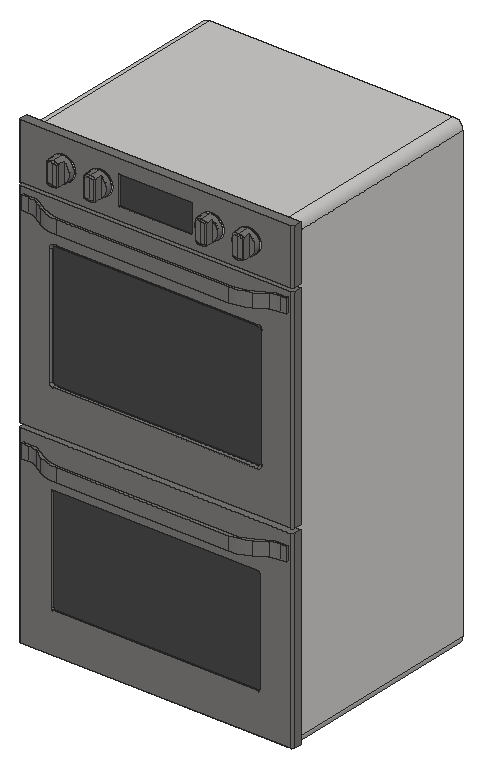
Revit family "M_Forno-duplo", category Equipamento especial, Revit 2019
Family settings
  Cota do conector redondo = Utilizar diâmetro
  Tipo de parte = Normal
  Número OmniClass = 23.40.40.14
  Título OmniClass = Food Service Equipment
  Com base no plano de trabalho = Não
  Sempre na vertical = Sim
  Corte com vazios quando carregada = Não
  Compartilhado = Não
  Ponto de cálculo do ambiente = Não
Parameters (values of type "750mm")
  Largura = 750 mm
  Reforço = Eletrodoméstico – Reforço
  Embutido = 0 mm
  Voltagem = 240 V
  Type Comments = ""
  Mostrar legenda = yes
  Consumo de energia = 8200 VA
  Legenda = "Forno"
  Altura = 1300 mm
  Vidro = Eletrodoméstico – Janela
  Descrição = "Forno duplo"
  Linear = 600 mm
  Código de montagem = "E1090320"
  Acabamento do eletrodoméstico = Eletrodoméstico – Bronze
  Corpo do eletrodoméstico = Eletrodoméstico – Aço inoxidável
  Localização da legenda [instance] = 300 mm
  Amperagem = Consumo de energia / Voltagem  # 34.1667 A
Types (2, lengths in mm): name | Largura
  750mm | 750
  900mm | 900
Reference planes
  plane 1 "Face do armário": y = 0
  plane 2: z = 0
  plane 3 "Centro (Esquerda/Direita)": x = 0
  plane 4 "Esquerda": x = -375
  plane 5 "Direita": x = 375
  plane 6 "Parte posterior": y = 574.6
  plane 7 "Frente da unidade": y = -25.4
  plane 8 "Traseira da porta": y = 0
  plane 9 "Superior": z = 1300
  plane 10 "Porta B.O.": z = 19.05
  plane 11 "Forno superior": z = 1147.6
  plane 12: x = 286.1
  plane 13: x = -286.1
  plane 14: z = 50.324
  plane 15 "Puxador superior": z = 1084.1
  plane 16: z = 551.575
  plane 17 "Puxador inferior": z = 513.475
  plane 18: x = -359.125
  plane 19: x = 359.125
  plane 20: z = 1223.8
Forms (mm)
  Extrusion 1, solid, material "Eletrodoméstico – Bronze" <- "Acabamento do eletrodoméstico"
    sketch origin (0, -25.4, 0) x (-1, 0, 0) y (0, 0, 1)
      loop
        line (375, 1300) -> (-375, 1300) -> (-375, 1147.6) -> (375, 1147.6) -> (375, 1300)
      loop
        line (375, 1138.075) -> (-375, 1138.075) -> (-375, 557.925) -> (375, 557.925) -> (375, 1138.075)
      loop
        line (375, 19.05) -> (375, 545.225) -> (-375, 545.225) -> (-375, 19.05) -> (375, 19.05)
      loop
        line (279.75, 1020.6) -> (-279.75, 1020.6)
        arc (-279.75, 1020.6) -> (-284.24, 1018.74) -> (-286.1, 1014.25) r 6.35
        line (-286.1, 1014.25) -> (-286.1, 684.925)
        arc (-286.1, 684.925) -> (-284.24, 680.435) -> (-279.75, 678.575) r 6.35
        line (-279.75, 678.575) -> (279.75, 678.575)
        arc (279.75, 678.575) -> (284.24, 680.435) -> (286.1, 684.925) r 6.35
        line (286.1, 684.925) -> (286.1, 1014.25)
        arc (286.1, 1014.25) -> (284.24, 1018.74) -> (279.75, 1020.6) r 6.35
      loop
        line (279.75, 424.575) -> (-279.75, 424.575)
        arc (-279.75, 424.575) -> (-284.24, 422.715) -> (-286.1, 418.225) r 6.35
        line (-286.1, 418.225) -> (-286.1, 133.35)
        arc (-286.1, 133.35) -> (-284.24, 128.86) -> (-279.75, 127) r 6.35
        line (-279.75, 127) -> (279.75, 127)
        arc (279.75, 127) -> (284.24, 128.86) -> (286.1, 133.35) r 6.35
        line (286.1, 133.35) -> (286.1, 418.225)
        arc (286.1, 418.225) -> (284.24, 422.715) -> (279.75, 424.575) r 6.35
    from 0 to 25.4
  Extrusion 2, void
    sketch origin (0, -25.4, 0) x (-1, 0, 0) y (0, 0, 1)
      loop
        line (98.425, 1263.932) -> (-98.425, 1263.932)
        arc (-98.425, 1263.932) -> (-100.67, 1263.002) -> (-101.6, 1260.757) r 3.175
        line (-101.6, 1260.757) -> (-101.6, 1185.827)
        arc (-101.6, 1185.827) -> (-100.67, 1183.582) -> (-98.425, 1182.652) r 3.175
        line (-98.425, 1182.652) -> (98.425, 1182.652)
        arc (98.425, 1182.652) -> (100.67, 1183.582) -> (101.6, 1185.827) r 3.175
        line (101.6, 1185.827) -> (101.6, 1260.757)
        arc (101.6, 1260.757) -> (100.67, 1263.002) -> (98.425, 1263.932) r 3.175
    from 0 to 3.175
  Sweep 3, void
    path in 3D
      loop
        arc (279.75, -25.4, 1020.6) -> (284.24, -25.4, 1018.74) -> (286.1, -25.4, 1014.25) r 6.35
        line (286.1, -25.4, 1014.25) -> (286.1, -25.4, 684.925)
        arc (286.1, -25.4, 684.925) -> (284.24, -25.4, 680.435) -> (279.75, -25.4, 678.575) r 6.35
        line (279.75, -25.4, 678.575) -> (-279.75, -25.4, 678.575)
        arc (-279.75, -25.4, 678.575) -> (-284.24, -25.4, 680.435) -> (-286.1, -25.4, 684.925) r 6.35
        line (-286.1, -25.4, 684.925) -> (-286.1, -25.4, 1014.25)
        arc (-286.1, -25.4, 1014.25) -> (-284.24, -25.4, 1018.74) -> (-279.75, -25.4, 1020.6) r 6.35
        line (-279.75, -25.4, 1020.6) -> (279.75, -25.4, 1020.6)
    profile "M_Redondo : 5mm" origin (0, -25.4, 1020.6) x (0, -1, 0) y (0, 0, -1)
      loop
        line (0, 0) -> (-5, 0)
        arc (-5, 0) -> (-1.464, -1.464) -> (0, -5) r 5
        line (0, -5) -> (0, 0)
  Extrusion 4, solid, material "Eletrodoméstico – Aço inoxidável" <- "Corpo do eletrodoméstico"
    sketch origin (0, 0, 0) x (-1, 0, 0) y (0, 0, 1)
      loop
        line (333.725, 1292.063) -> (-333.725, 1292.063)
        arc (-333.725, 1292.063) -> (-351.686, 1284.623) -> (-359.125, 1266.663) r 25.4
        line (-359.125, 1266.663) -> (-359.125, 25.4)
        arc (-359.125, 25.4) -> (-351.686, 7.439) -> (-333.725, 0) r 25.4
        line (-333.725, 0) -> (333.725, 0)
        arc (333.725, 0) -> (351.686, 7.439) -> (359.125, 25.4) r 25.4
        line (359.125, 25.4) -> (359.125, 1266.663)
        arc (359.125, 1266.663) -> (351.686, 1284.623) -> (333.725, 1292.063) r 25.4
    from 0 to 574.6
  Extrusion 5, solid, material "Eletrodoméstico – Janela" <- "Vidro", detail levels medium+fine
    sketch origin (0, 0, 0) x (-1, 0, 0) y (0, 0, 1)
      loop
        line (-286.1, 1014.25) -> (-286.1, 684.925)
        arc (-286.1, 684.925) -> (-284.24, 680.435) -> (-279.75, 678.575) r 6.35
        line (-279.75, 678.575) -> (279.75, 678.575)
        arc (279.75, 678.575) -> (284.24, 680.435) -> (286.1, 684.925) r 6.35
        line (286.1, 684.925) -> (286.1, 1014.25)
        arc (286.1, 1014.25) -> (284.24, 1018.74) -> (279.75, 1020.6) r 6.35
        line (279.75, 1020.6) -> (-279.75, 1020.6)
        arc (-279.75, 1020.6) -> (-284.24, 1018.74) -> (-286.1, 1014.25) r 6.35
      loop
        arc (-279.75, 424.575) -> (-284.24, 422.715) -> (-286.1, 418.225) r 6.35
        line (-286.1, 418.225) -> (-286.1, 133.35)
        arc (-286.1, 133.35) -> (-284.24, 128.86) -> (-279.75, 127) r 6.35
        line (-279.75, 127) -> (279.75, 127)
        arc (279.75, 127) -> (284.24, 128.86) -> (286.1, 133.35) r 6.35
        line (286.1, 133.35) -> (286.1, 418.225)
        arc (286.1, 418.225) -> (284.24, 422.715) -> (279.75, 424.575) r 6.35
        line (279.75, 424.575) -> (-279.75, 424.575)
    from -19.05 to -6.35
  Extrusion 6, void
    sketch origin (0, 0, 0) x (1, 0, 0) y (0, 1, 0)
      loop
        line (-375, -25.4) -> (-368.65, -25.4)
        arc (-368.65, -25.4) -> (-373.14, -23.54) -> (-375, -19.05) r 6.35
        line (-375, -19.05) -> (-375, -25.4)
      loop
        line (375, -25.4) -> (375, -19.05)
        arc (375, -19.05) -> (373.14, -23.54) -> (368.65, -25.4) r 6.35
        line (368.65, -25.4) -> (375, -25.4)
    from 0 to 1300
  Extrusion 7, solid, material "Eletrodoméstico – Bronze" <- "Acabamento do eletrodoméstico", detail levels fine
    sketch origin (0, 0, 1084.1) x (-1, 0, 0) y (0, -1, 0)
      loop
        line (236.356, 69.85) -> (-236.356, 69.85)
        arc (-236.356, 69.85) -> (-264.295, 66.172) -> (-290.331, 55.387) r 107.95
        line (-290.331, 55.387) -> (-319.484, 38.556)
        arc (-319.484, 38.556) -> (-331.736, 33.481) -> (-344.884, 31.75) r 50.8
        line (-344.884, 31.75) -> (-362.3, 31.75) -> (-362.3, 25.4) -> (-329.57, 25.4) -> (-287.156, 49.888)
        arc (-287.156, 49.888) -> (-262.652, 60.038) -> (-236.356, 63.5) r 101.6
        line (-236.356, 63.5) -> (236.356, 63.5)
        arc (236.356, 63.5) -> (262.652, 60.038) -> (287.156, 49.888) r 101.6
        line (287.156, 49.888) -> (329.57, 25.4) -> (362.3, 25.4) -> (362.3, 31.75) -> (344.884, 31.75)
        arc (344.884, 31.75) -> (331.736, 33.481) -> (319.484, 38.556) r 50.8
        line (319.484, 38.556) -> (290.331, 55.387)
        arc (290.331, 55.387) -> (264.295, 66.172) -> (236.356, 69.85) r 107.95
    from 0 to 38.1
  Extrusion 8, solid, material "Eletrodoméstico – Bronze" <- "Acabamento do eletrodoméstico", detail levels fine
    sketch origin (0, 0, 0) x (1, 0, 0) y (0, 1, 0)
      loop
        line (-362.3, -25.4) -> (-362.3, -31.75) -> (-344.884, -31.75)
        arc (-344.884, -31.75) -> (-331.736, -33.481) -> (-319.484, -38.556) r 50.8
        line (-319.484, -38.556) -> (-290.331, -55.387)
        arc (-290.331, -55.387) -> (-264.295, -66.172) -> (-236.356, -69.85) r 107.95
        line (-236.356, -69.85) -> (236.356, -69.85)
        arc (236.356, -69.85) -> (264.295, -66.172) -> (290.331, -55.387) r 107.95
        line (290.331, -55.387) -> (319.484, -38.556)
        arc (319.484, -38.556) -> (331.736, -33.481) -> (344.884, -31.75) r 50.8
        line (344.884, -31.75) -> (362.3, -31.75) -> (362.3, -25.4) -> (329.57, -25.4) -> (287.156, -49.888)
        arc (287.156, -49.888) -> (262.652, -60.038) -> (236.356, -63.5) r 101.6
        line (236.356, -63.5) -> (-236.356, -63.5)
        arc (-236.356, -63.5) -> (-262.652, -60.038) -> (-287.156, -49.888) r 101.6
        line (-287.156, -49.888) -> (-329.57, -25.4) -> (-362.3, -25.4)
    from 475.375 to 513.475
Cuts and joins
  Extrusion 2, Sweep 3, Extrusion 6 cuts Extrusion 1
Lines and regions (mm)
  Masking region 1
    outline origin (0, 0, 0) x (1, 0, 0) y (0, 1, 0)
      loop
        line (375, 0) -> (-375, 0) -> (-375, -25.4) -> (375, -25.4) -> (375, 0)
  Split face 1
    outline origin (0, 574.6, 0) x (-1, 0, 0) y (0, 0, 1)
      loop
        circle (-4.909, 31.274) r 12.7
  Split face 2
    outline origin (0, -19.05, 0) x (-1, 0, 0) y (0, 0, 1)
      loop
        line (260.7, 701.07) -> (260.7, 969.277) -> (-260.7, 969.277) -> (-260.7, 701.07) -> (260.7, 701.07)
  Split face 3
    outline origin (0, -19.05, 0) x (-1, 0, 0) y (0, 0, 1)
      loop
        line (260.7, 382.575) -> (-260.7, 382.575) -> (-260.7, 152.469) -> (260.7, 152.469) -> (260.7, 382.575)
  Masking region 2, detail levels fine
    outline origin (0, 0, 0) x (1, 0, 0) y (0, 1, 0)
      loop
        line (-329.57, -25.4) -> (-362.3, -25.4) -> (-362.3, -31.75) -> (-344.884, -31.75)
        arc (-344.884, -31.75) -> (-331.736, -33.481) -> (-319.484, -38.556) r 50.8
        line (-319.484, -38.556) -> (-290.331, -55.387)
        arc (-290.331, -55.387) -> (-264.295, -66.172) -> (-236.356, -69.85) r 107.95
        line (-236.356, -69.85) -> (236.356, -69.85)
        arc (236.356, -69.85) -> (264.295, -66.172) -> (290.331, -55.387) r 107.95
        line (290.331, -55.387) -> (319.484, -38.556)
        arc (319.484, -38.556) -> (331.736, -33.481) -> (344.884, -31.75) r 50.8
        line (344.884, -31.75) -> (362.3, -31.75) -> (362.3, -25.4) -> (329.57, -25.4) -> (287.156, -49.888)
        arc (287.156, -49.888) -> (262.652, -60.038) -> (236.356, -63.5) r 101.6
        line (236.356, -63.5) -> (-236.356, -63.5)
        arc (-236.356, -63.5) -> (-262.652, -60.038) -> (-287.156, -49.888) r 101.6
        line (-287.156, -49.888) -> (-329.57, -25.4)
  symbolic lines, style "Eletrodomésticos"
    curve 1: line (375, -25.4, 0) -> (-375, -25.4, 0)
  sketch lines
    curve 2: line (-279.75, -25.4, 1020.6) -> (279.75, -25.4, 1020.6)
    curve 3: arc (286.1, -25.4, 1014.25) -> (284.24, -25.4, 1018.74) -> (279.75, -25.4, 1020.6) r 6.35
    curve 4: line (286.1, -25.4, 1014.25) -> (286.1, -25.4, 684.925)
    curve 5: arc (279.75, -25.4, 678.575) -> (284.24, -25.4, 680.435) -> (286.1, -25.4, 684.925) r 6.35
    curve 6: line (279.75, -25.4, 678.575) -> (-279.75, -25.4, 678.575)
    curve 7: arc (-286.1, -25.4, 684.925) -> (-284.24, -25.4, 680.435) -> (-279.75, -25.4, 678.575) r 6.35
    curve 8: line (-286.1, -25.4, 684.925) -> (-286.1, -25.4, 1014.25)
    curve 9: arc (-279.75, -25.4, 1020.6) -> (-284.24, -25.4, 1018.74) -> (-286.1, -25.4, 1014.25) r 6.35
  symbolic lines, style "Eletrodomésticos – Giro da planta", detail levels medium+fine
    curve 10: line (0, -532.525, 19.05) -> (0, 0, 19.05)
    curve 14: line (0, -596.025, 551.575) -> (0, 0, 551.575)
    curve 15: arc (0, 0, 551.575) -> (0, -376.552, 395.602) -> (0, -532.525, 19.05) r 532.525
    curve 16: arc (0, 0, 1147.6) -> (0, -421.453, 973.028) -> (0, -596.025, 551.575) r 596.025
  symbolic lines, style "Eletrodomésticos – Ocultos"
    curve 11: line (-359.125, 0, 0) -> (-359.125, 574.6, 0)
    curve 12: line (-359.125, 574.6, 0) -> (359.125, 574.6, 0)
    curve 13: line (359.125, 574.6, 0) -> (359.125, 0, 0)
Dimensions and locks
  equal spacing: plane 4 "Esquerda", plane 3 "Centro (Esquerda/Direita)", plane 5 "Direita"
  "Largura": plane 4 "Esquerda" to plane 5 "Direita"
  "Linear": plane 6 "Parte posterior" to plane 7 "Frente da unidade"
  "Altura": plane 9 "Superior" to level
  locked: plane 8 "Traseira da porta" to plane 7 "Frente da unidade" at 25.4
  "Embutido": plane 1 "Face do armário" to plane 8 "Traseira da porta"
  locked: plane 11 "Forno superior" to Extrusion 1 sketch curve at 9.525
  plane 9 "Superior" to Extrusion 2 sketch curve to Extrusion 2 sketch curve = 36.068 mm locked, 81.28 mm locked
  Extrusion 2 sketch curve to plane 3 "Centro (Esquerda/Direita)" to Extrusion 2 sketch curve = 101.6 mm locked, 101.6 mm locked
  locked: plane 5 "Direita" to plane 12 at 88.9
  locked: plane 13 to plane 4 "Esquerda" at 88.9
  locked: plane 9 "Superior" to Extrusion 4 sketch curve at 7.937
  locked: Extrusion 4 sketch curve to plane 4 "Esquerda" at 15.875
  locked: plane 5 "Direita" to Extrusion 4 sketch curve at 15.875
  level to Extrusion 4 = 1292.062 mm
  locked: plane 11 "Forno superior" to Extrusion 1 sketch curve at 127
  locked: plane 11 "Forno superior" to plane 15 "Puxador superior" at 63.5
  "Localização da legenda": plane 6 "Parte posterior" to nested 1
  locked: plane 10 "Porta B.O." to level at 19.05
  locked: nested 2 to plane 7 "Frente da unidade" at 17.463
  locked: nested 3 to plane 7 "Frente da unidade" at 17.463
  locked: Extrusion 7 sketch curve to Extrusion 7 sketch curve at 6.35
  locked: plane 4 "Esquerda" to Extrusion 7 sketch curve at 12.7
  locked: Extrusion 7 sketch curve to plane 5 "Direita" at 12.7
  locked: Extrusion 7 to plane 15 "Puxador superior" at 38.1  (x2)
  equal spacing: plane 15 "Puxador superior", plane 16, plane 10 "Porta B.O."
  Extrusion 1 sketch curve to plane 16 to Extrusion 1 sketch curve = 127 mm locked, 127 mm locked
  Extrusion 1 sketch curve to plane 16 to Extrusion 1 sketch curve = 6.35 mm locked, 6.35 mm locked
  locked: plane 16 to plane 17 "Puxador inferior" at 38.1
  locked: plane 5 "Direita" to Split face 2 sketch curve at 114.3
  locked: Split face 2 sketch curve to plane 4 "Esquerda" at 114.3
  locked: plane 5 "Direita" to Split face 3 sketch curve at 114.3
  locked: Split face 3 sketch curve to plane 4 "Esquerda" at 114.3
  locked: plane 4 "Esquerda" to plane 18 at 15.875
  locked: plane 19 to plane 5 "Direita" at 15.875
  equal spacing: plane 9 "Superior", plane 20, plane 11 "Forno superior"
  locked: plane 9 "Superior" to plane 11 "Forno superior" at 152.4
  locked: plane 7 "Frente da unidade" to Extrusion 7 sketch curve at 44.45
  locked: plane 11 "Forno superior" to Split face 2 sketch curve at 178.323
  locked: Split face 2 sketch curve to plane 16 at 149.495
  locked: Split face 3 sketch curve to plane 10 "Porta B.O." at 133.419
  locked: Extrusion 1 sketch curve to plane 10 "Porta B.O." at 107.95
  locked: plane 16 to Split face 3 sketch curve at 169
  locked: Extrusion 8 to plane 17 "Puxador inferior" at 38.1
  radius of Extrusion 4 sketch curve = 25.4 mm  (x4)
  aligned and locked: plane 2 to level
  aligned and locked: Extrusion 1 sketch curve to plane 5 "Direita"  (x3)
  aligned and locked: plane 3 "Centro (Esquerda/Direita)" to nested 1
  aligned and locked: plane 9 "Superior" to Extrusion 1 sketch curve
  aligned and locked: plane 8 "Traseira da porta" to Extrusion 1
  aligned and locked: plane 11 "Forno superior" to Extrusion 1 sketch curve
  aligned and locked: plane 4 "Esquerda" to Extrusion 1 sketch curve  (x3)
  aligned and locked: Extrusion 2 to plane 7 "Frente da unidade"
  aligned and locked: level to Extrusion 4 sketch curve
  aligned and locked: Extrusion 5 sketch curve to cut or joined group of Extrusion 1, Extrusion 2, Sweep 3, Extrusion 6  (x8)
  aligned and locked: plane 6 "Parte posterior" to Extrusion 4
  aligned and locked: plane 8 "Traseira da porta" to Masking region 1 sketch curve
  aligned and locked: plane 7 "Frente da unidade" to Masking region 1 sketch curve
  aligned and locked: plane 5 "Direita" to Masking region 1 sketch curve
  aligned and locked: plane 4 "Esquerda" to Masking region 1 sketch curve
  aligned and locked: plane 10 "Porta B.O." to Extrusion 1 sketch curve
  aligned and locked: Extrusion 6 sketch curve to plane 7 "Frente da unidade"
  aligned and locked: plane 4 "Esquerda" to Extrusion 6 sketch curve
  aligned and locked: plane 5 "Direita" to Extrusion 6 sketch curve
  aligned and locked: plane 7 "Frente da unidade" to Extrusion 6 sketch curve
  aligned and locked: plane 9 "Superior" to Extrusion 6
  aligned and locked: Extrusion 6 to level
  aligned and locked: plane 8 "Traseira da porta" to curve 11
  aligned and locked: plane 6 "Parte posterior" to curve 12
  aligned and locked: plane 18 to curve 11
  aligned and locked: plane 8 "Traseira da porta" to curve 13
  aligned and locked: plane 6 "Parte posterior" to curve 13
  aligned and locked: curve 13 to plane 19
  aligned and locked: plane 5 "Direita" to curve 1
  aligned and locked: plane 4 "Esquerda" to curve 1
  aligned and locked: plane 7 "Frente da unidade" to curve 1
  aligned and locked: plane 7 "Frente da unidade" to nested 2
  aligned and locked: nested 3 to plane 7 "Frente da unidade"
  aligned and locked: plane 7 "Frente da unidade" to nested 5
  aligned and locked: nested 4 to plane 7 "Frente da unidade"
  aligned and locked: plane 8 "Traseira da porta" to curve 10
  aligned and locked: plane 8 "Traseira da porta" to curve 14
  aligned and locked: nested 4 to plane 20
  aligned and locked: nested 3 to plane 20
  aligned and locked: plane 20 to nested 2
  aligned and locked: plane 20 to nested 5
  aligned and locked: Masking region 2 sketch curve to Extrusion 7  (x13)
  aligned and locked: Extrusion 8 sketch curve to Extrusion 7  (x13)
  aligned and locked: plane 17 "Puxador inferior" to Extrusion 8
  aligned and locked: Extrusion 7 to plane 15 "Puxador superior"
Automatic sketch dimensions
  Extrusion 1 sketch curve to plane 12 = 0 mm  (x2)
  Extrusion 1 sketch curve to plane 13 = 0 mm  (x2)
  Extrusion 1 sketch curve to plane 12 = 6.35 mm  (x4)
  Extrusion 1 sketch curve to Extrusion 1 sketch curve = 6.35 mm  (x2)
  plane 13 to Extrusion 1 sketch curve = 6.35 mm  (x2)
  Extrusion 2 sketch curve to Extrusion 2 sketch curve = 3.175 mm  (x4)
  Split face 1 sketch curve to Extrusion 4 = 31.274 mm
  Split face 1 sketch curve to Extrusion 4 = 354.216 mm
  Extrusion 6 sketch curve to Extrusion 6 sketch curve = 6.35 mm
  Extrusion 6 sketch curve to plane 5 "Direita" = 6.35 mm
  Extrusion 7 sketch curve to Extrusion 7 sketch curve = 0 mm  (x4)
  Extrusion 7 sketch curve to plane 7 "Frente da unidade" = 0 mm  (x2)
  Extrusion 7 sketch curve to plane 7 "Frente da unidade" = 6.35 mm
  Extrusion 7 sketch curve to Extrusion 7 sketch curve = 17.416 mm
  Extrusion 7 sketch curve to Extrusion 7 sketch curve = 15.313 mm
  Extrusion 7 sketch curve to plane 7 "Frente da unidade" = 13.156 mm  (x2)
  Extrusion 7 sketch curve to Extrusion 7 sketch curve = 10.087 mm  (x2)
  Extrusion 7 sketch curve to plane 7 "Frente da unidade" = 29.987 mm  (x2)
  Extrusion 7 sketch curve to Extrusion 7 sketch curve = 29.153 mm  (x2)
  Extrusion 7 sketch curve to plane 7 "Frente da unidade" = 24.488 mm  (x2)
  Extrusion 7 sketch curve to Extrusion 7 sketch curve = 125.944 mm
  Extrusion 7 sketch curve to Extrusion 7 sketch curve = 50.8 mm  (x2)
  plane 4 "Esquerda" to Extrusion 7 sketch curve = 30.116 mm
  Extrusion 7 sketch curve to Extrusion 7 sketch curve = 6.35 mm
  curve 16 to plane 16 = 0 mm
  curve 15 to plane 10 "Porta B.O." = 0 mm
  curve 16 to plane 8 "Traseira da porta" = 0 mm
  curve 15 to plane 8 "Traseira da porta" = 0 mm
  curve 15 to plane 16 = 0 mm
  curve 16 to plane 11 "Forno superior" = 0 mm
  Masking region 2 sketch curve to plane 7 "Frente da unidade" = 24.488 mm  (x2)
  Masking region 2 sketch curve to plane 7 "Frente da unidade" = 13.156 mm
  Masking region 2 sketch curve to Masking region 2 sketch curve = 3.175 mm  (x2)
  Masking region 2 sketch curve to Masking region 2 sketch curve = 10.087 mm
  Extrusion 8 sketch curve to plane 7 "Frente da unidade" = 24.488 mm  (x2)
  Extrusion 8 sketch curve to plane 7 "Frente da unidade" = 13.156 mm
  Extrusion 8 sketch curve to Extrusion 8 sketch curve = 3.175 mm  (x2)
  Extrusion 8 sketch curve to Extrusion 8 sketch curve = 10.087 mm
  radius of Split face 1 sketch curve = 12.7 mm
Nested families
  nested 1: "Anotação de legenda de 2,5" at (0, 274.6, 0), visible <- "Mostrar legenda", type "Anotação de legenda de 2,5"
  nested 2: "M_Botão" at (-152.4, -7.937, 1223.8), type "M_Botão", detail levels fine
  nested 3: "M_Botão" at (152.4, -7.937, 1223.8) x (-1, 0, 0) z (0, 0, 1), type "M_Botão", detail levels fine
  nested 4: "M_Botão" at (254, -7.815, 1223.8) x (-1, 0, 0) z (0, 0, 1), type "M_Botão", detail levels fine
  nested 5: "M_Botão" at (-254, -7.815, 1223.8), type "M_Botão", detail levels fine
Connectors
  electrical at (4.909, 574.6, 31.274), driven by "Voltagem", driven by "Consumo de energia"
    settings: on Extrusion 4, index 1, voltage 240 V, apparent load 8200 VA, apparent load phase1 0 VA, apparent load phase2 0 VA, apparent load phase3 0 VA, power factor 1, load classification "Eletrodoméstico", number of poles 2, system type 30, power factor state 1, is connector primary yes, connector utility no, sub classification motor no, connector description "Potência do forno"
Definition of nested family "M_Botão"
  Parameters (values of type "Botão")
    Material = none
    Material da moldura = none
  Reference planes
    plane 1 "Centro (Frente/Trás)": y = 0
    plane 2: z = 0
    plane 3 "Centro (Esquerda/Direita)": x = 0
    plane 4: y = -35
    plane 5: y = -55
    plane 6: y = -17.585
  Forms (mm)
    Revolve 1, solid, material <- "Material"
      sketch origin (0, 0, 0) x (0, 1, 0) y (0, 0, 1)
        loop
          line (0, 35) -> (-20, 33) -> (-20, 32) -> (-52.687, 31.066)
          arc (-52.687, 31.066) -> (-54.326, 30.345) -> (-55, 28.686) r 2.381
          line (-55, 28.686) -> (-55, 0) -> (0, 0) -> (0, 35)
        axis (0, 0) -> (-55, 0)
      angle from 0 to 360
    Extrusion 2, void
      sketch origin (0, 0, 0) x (1, 0, 0) y (0, 1, 0)
        loop
          line (31.571, -35) -> (15, -35) -> (15, -52.619)
          arc (15, -52.619) -> (14.303, -54.303) -> (12.619, -55) r 2.381
          line (12.619, -55) -> (31.571, -55) -> (31.571, -35)
        loop
          line (-31.571, -35) -> (-31.571, -55) -> (-12.619, -55)
          arc (-12.619, -55) -> (-14.303, -54.303) -> (-15, -52.619) r 2.381
          line (-15, -52.619) -> (-15, -35) -> (-31.571, -35)
      from -34.753 to 36.709
  Cuts and joins
    Extrusion 2 cuts Revolve 1
  Dimensions and locks
    plane 5 to plane 4 to plane 1 "Centro (Frente/Trás)" = 20 mm locked, 35 mm locked
    locked: plane 6 to plane 1 "Centro (Frente/Trás)" at 17.585
    aligned and locked: plane 2 to level
    aligned and locked: Revolve 1 sketch curve to level
    aligned and locked: plane 4 to Extrusion 2 sketch curve
    aligned and locked: Extrusion 2 sketch curve to plane 5
Definition of nested family "Anotação de legenda de 2,5"
  Parameters
    Legenda = "Congelador 36 LH"
  Reference planes
    plane 1: y = 0
    plane 2: x = 0
  Text (mm)
    label "Legenda" at (0.095, -0.088, 0), shows "Legenda"
